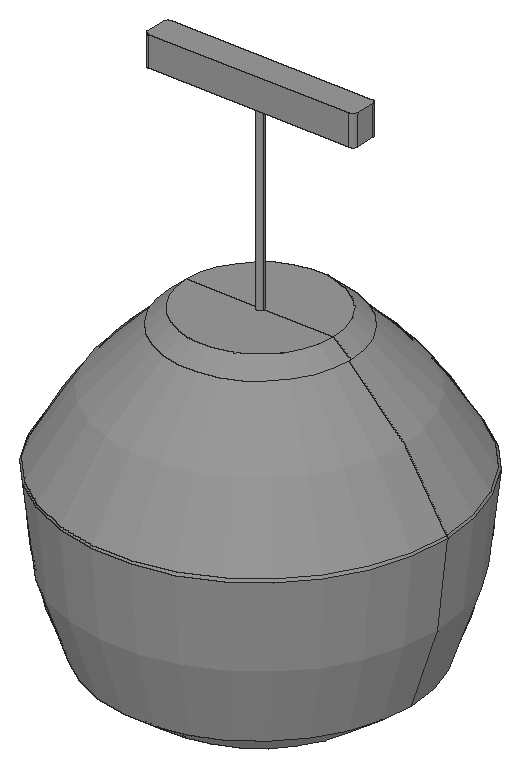
Revit family "63_UN_Pendant_GO-1L Track_Signify", category Lighting Fixtures, Revit 2019
Family settings
  Round Connector Dimension = Use Diameter
  Part Type = Normal
  OmniClass Number = 23.80.70.11
  OmniClass Title = Luminaries for Internal Lighting
  Work Plane-Based = No
  Always vertical = Yes
  Cut with Voids When Loaded = No
  Light Source = No
  Shared = No
  Room Calculation Point = Yes
Parameters (values of type "GO-1L")
  Wattage Comments = "10W"
  Voltage = 230 V
  URL = "https://www.signify.com/global/innovation/3d-printing"
  Type Comments = "GO-1L"
  Pendant_Material = UHMW, Black
  Pendant_Length [instance] = 200 mm
  Symbol_ToScale [instance] = yes
  Symbol_RealSize [instance] = not(Symbol_ToScale)  # no
  Switch Code [instance] = ""
  Model = "Pendant Canopy"
  Manufacturer = "Signify"
  Luminaire Code [instance] = ""
  Lamp = "LED"
  IfcExportType = "USERDEFINED"
  IfcExportAs = "IfcLightFixtureType"
  Housing_Material = Select RGB Value for different appearance
  Description = ""
  Content Creator® = "www.ivlibrary.com"
  Calc_Pendant_Length [instance] = if(Pendant_Length < 200 mm, 200 mm, if(Pendant_Length > 3000 mm, 3000 mm, Pendant_Length))  # 200 mm
  Assembly Code = "63.0"
  Apparent Load = 10 VA
Reference planes
  plane 1 "Center (Front/Back)": y = 0
  plane 2: z = 0
  plane 3 "Center (Left/Right)": x = 0
  plane 4: z = -200
  plane 5: z = -330
Forms (mm)
  Extrusion 1, solid, material "UHMW, Black" <- "Pendant_Material"
    sketch origin (0, 0, 0) x (1, 0, 0) y (0, 1, 0)
      loop
        circle (0, 0) r 3.848
    from -200 to 0
  Extrusion 2, solid, material "UHMW, Black" <- "Pendant_Material"
    sketch origin (0, 0, 0) x (1, 0, 0) y (0, 1, 0)
      loop
        arc (-106.872, 14.982) -> (-110.407, 13.518) -> (-111.872, 9.982) r 5
        line (-111.872, 9.982) -> (-111.872, -9.982)
        arc (-111.872, -9.982) -> (-110.407, -13.518) -> (-106.872, -14.982) r 5
        line (-106.872, -14.982) -> (106.872, -14.982)
        arc (106.872, -14.982) -> (110.407, -13.518) -> (111.872, -9.982) r 5
        line (111.872, -9.982) -> (111.872, 9.982)
        arc (111.872, 9.982) -> (110.407, 13.518) -> (106.872, 14.982) r 5
        line (106.872, 14.982) -> (-106.872, 14.982)
    from -2 to 30
Lines and regions (mm)
  symbolic lines, visible <- "Symbol_RealSize"
    curve 1: circle (0, 0, 0) r 200 normal (0, 0, 1)
    curve 2: line (-141.421, 141.421, 0) -> (0, 0, 0)
    curve 3: line (0, 0, 0) -> (-141.421, -141.421, 0)
    curve 4: line (141.421, 141.421, 0) -> (0, 0, 0)
    curve 5: line (0, 0, 0) -> (141.421, -141.421, 0)
Dimensions and locks
  "Calc_Pendant_Length": plane 2 to plane 4
  locked: plane 4 to plane 5 at 130
  Extrusion 2 sketch curve to Extrusion 2 sketch curve = 223.743 mm
  Extrusion 2 sketch curve to Extrusion 2 sketch curve = 29.965 mm
  aligned and locked: level to plane 2
  aligned and locked: plane 2 to Extrusion 1
  aligned and locked: plane 4 to Extrusion 1
  aligned and locked: nested 1 to plane 4
Automatic sketch dimensions
  plane 1 "Center (Front/Back)" to curve 2 = 0 mm
  curve 2 to plane 3 "Center (Left/Right)" = 0 mm
  plane 1 "Center (Front/Back)" to curve 1 = 0 mm
  curve 1 to plane 3 "Center (Left/Right)" = 0 mm
  curve 3 to plane 3 "Center (Left/Right)" = 141.421 mm
  curve 2 to plane 3 "Center (Left/Right)" = 141.421 mm
  plane 1 "Center (Front/Back)" to curve 5 = 141.421 mm
  plane 1 "Center (Front/Back)" to Extrusion 1 sketch curve = 0 mm
  Extrusion 1 sketch curve to plane 3 "Center (Left/Right)" = 0 mm
  plane 1 "Center (Front/Back)" to Extrusion 2 sketch curve = 9.982 mm
  Extrusion 2 sketch curve to plane 3 "Center (Left/Right)" = 111.872 mm
  Extrusion 2 sketch curve to Extrusion 2 sketch curve = 5 mm  (x4)
  radius of Extrusion 1 sketch curve = 3.848 mm
Nested families
  nested 1: "GO-1L" at (0, 0, -200), Housing_Material <- "Housing_Material", type "Geometry"
    with Housing_Material Select RGB Value for different appearance
  nested 2: "Ø400 Symbol_Signify" at (0, 0, 0), visible <- "Symbol_ToScale", type "Ø400 Symbol_Signify"
Connectors
  electrical at (0, 0, 0), driven by "Apparent Load", driven by "Voltage"
    settings: index 1, voltage 230 V, apparent load 0 VA, apparent load phase1 10 VA, apparent load phase2 0 VA, apparent load phase3 0 VA, power factor 1, load classification "Other", number of poles 1, system type 31, power factor state 1, is connector primary yes, connector utility no, sub classification motor no, connector description ""
Definition of nested family "GO-1L"
  Parameters (values of type "Geometry")
    URL = "Signify.com"
    Type Comments = ""
    Model = "Geometry"
    Manufacturer = "Signify"
    Lamp = "LED"
    Housing_Material [instance] = none
    Assembly Code = "63.xx"
    Apparent Load = 41 VA
  Reference planes
    plane 1 "Center (Front/Back)": y = 0
    plane 2: z = 0
    plane 3 "Center (Left/Right)": x = 0
    plane 4: z = 0
  Forms (mm)
    Revolve 1, solid, material <- "Housing_Material"
      sketch origin (0, 0, 20.589) x (1, 0, 0) y (0, 0, 1)
        loop
          line (0, -421.045) -> (0, -420.045) -> (-3.275, -420.045)
          spline (-3.275, -420.045) -> (-18.581, -416.034) -> (-33.489, -411.59) -> (-47.998, -406.712) -> (-62.11, -401.4) -> (-75.824, -395.655) -> (-89.14, -389.476) -> (-102.058, -382.864) -> (-114.579, -375.819) -> (-126.703, -368.341) -> (-138.429, -360.429) -> (-149.759, -352.083) -> (-160.692, -343.304)
          spline (-160.692, -343.304) -> (-166.554, -330.434) -> (-171.932, -317.293) -> (-176.825, -303.883) -> (-181.234, -290.203) -> (-185.159, -276.253) -> (-188.599, -262.033) -> (-191.555, -247.542) -> (-194.026, -232.78) -> (-196.013, -217.748) -> (-197.516, -202.445) -> (-198.534, -186.871) -> (-199.067, -171.027)
          line (-199.067, -171.027) -> (-197.846, -168.578)
          spline (-197.846, -168.578) -> (-191.398, -156.184) -> (-184.536, -144.05) -> (-177.259, -132.175) -> (-169.568, -120.56) -> (-161.462, -109.205) -> (-152.942, -98.108) -> (-144.008, -87.271) -> (-134.658, -76.693) -> (-124.894, -66.375) -> (-114.715, -56.315) -> (-104.121, -46.514) -> (-93.111, -36.973)
          line (-93.111, -36.973) -> (-92.273, -36.196) -> (-93.746, -36.196)
          spline (-93.746, -36.196) -> (-104.78, -45.76) -> (-115.4, -55.583) -> (-125.603, -65.667) -> (-135.391, -76.011) -> (-144.764, -86.616) -> (-153.721, -97.48) -> (-162.263, -108.605) -> (-170.39, -119.99) -> (-178.101, -131.635) -> (-185.396, -143.54) -> (-192.276, -155.706) -> (-198.741, -168.132)
          line (-198.741, -168.132) -> (-200.071, -170.8)
          spline (-200.071, -170.8) -> (-199.542, -186.72) -> (-198.525, -202.369) -> (-197.02, -217.746) -> (-195.027, -232.852) -> (-192.545, -247.687) -> (-189.575, -262.25) -> (-186.117, -276.542) -> (-182.17, -290.563) -> (-177.735, -304.312) -> (-172.812, -317.79) -> (-167.4, -330.996) -> (-161.5, -343.932)
          spline (-161.5, -343.932) -> (-150.519, -352.76) -> (-139.139, -361.151) -> (-127.361, -369.106) -> (-115.183, -376.624) -> (-102.606, -383.705) -> (-89.63, -390.35) -> (-76.255, -396.558) -> (-62.481, -402.329) -> (-48.308, -407.663) -> (-33.736, -412.56) -> (-18.765, -417.021) -> (-3.395, -421.045)
          line (-3.395, -421.045) -> (0, -421.045)
        axis (0, -36.196) -> (0, -421.045)
      angle from 0 to 360
    Revolve 2, solid
      sketch origin (0, 0, 0) x (1, 0, 0) y (0, 0, 1)
        loop
          line (0, -15.607) -> (0, 0) -> (-78.557, 0) -> (-96.511, -15.607) -> (0, -15.607)
        axis (0, 0) -> (0, -15.607)
      angle from 0 to 360
  Lines and regions (mm)
    reference lines
      curve 1: line (-173.969, 0, 0) -> (173.969, 0, 0)
  Dimensions and locks
    aligned and locked: level to plane 2
Definition of nested family "Ø400 Symbol_Signify"
  Reference planes
    plane 1: y = 0
    plane 2: x = 0
  Lines and regions (mm)
    detail lines
      curve 1: circle (0, 0, 0) r 2 normal (0, 0, 1)
      curve 2: line (0, 0, 0) -> (-1.414, -1.414, 0)
      curve 3: line (-1.414, 1.414, 0) -> (0, 0, 0)
      curve 4: line (0, 0, 0) -> (1.414, -1.414, 0)
      curve 5: line (1.414, 1.414, 0) -> (0, 0, 0)
